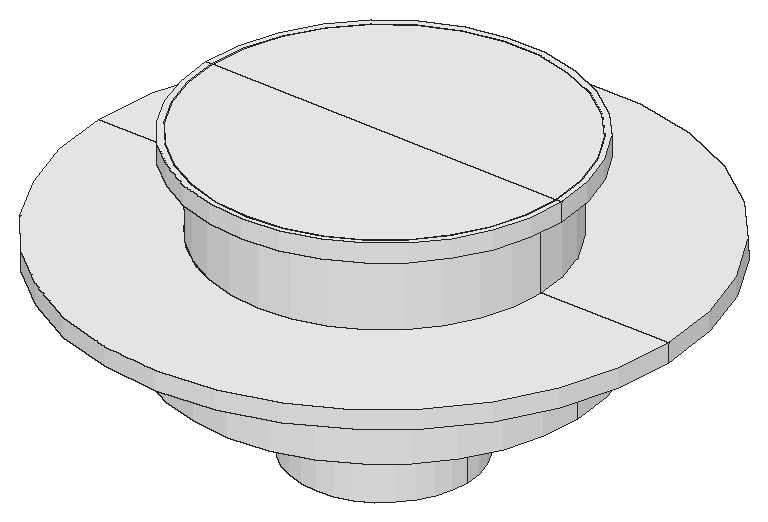
Revit family "Plumbing Fixture-FloorDrain_Mifab_C1000-R", category Plumbing Fixtures, host Face, Revit 2013
Parameters (values of type "2"")
  WFU = 0
  URL = "WWW.MIFAB.COM"
  Top Assembly Height = 1.250"
  Strainer Radius = Stainer Diameter / 2  # 4.000"
  Stainer Diameter = 8.000"
  Pipe Radius = Pipe Diameter / 2  # 1.000"
  Pipe Diameter = 2.000"
  Model = "C1000-R"
  Manufacturer = "MIFAB"
  Floor Drain Material = Paint - Sherwin Williams Paint - #952C2A - Bellwood Red
  Description = "STAINLESS STEEL FLOOR CLEANOUT WITH\r\nHEAVY DUTY ADJUSTABLE COVER AND PLUG"
  Default Elevation = 0.000"
  Body Height = 2.750"
Types (4): name | Pipe Radius | Pipe Diameter
  (no name) | 1.000" | 2.000"
  2" | 1.000" | 2.000"
  3" | 1.500" | 3.000"
  4" | 2.000" | 4.000"
Reference planes (in)
  plane 1 "Center (Front/Back)": y = 0
  plane 2: z = 0
  plane 3 "Center (Left/Right)": x = 0
  plane 4: z = -4
  plane 5: z = -1.25
  plane 6: x = -4
  plane 7: x = 4
  plane 8: x = 1
  plane 9: x = -1
Forms (in)
  Revolve 1, solid, material "Paint - Sherwin Williams Paint - #952C2A - Bellwood Red" <- "Floor Drain Material"
    sketch origin (-0.5, 0, 0) x (1, 0, 0) y (0, 0, 1)
      loop
        line (-1.62, -1.33) -> (-1.7, -1.25) -> (-3.5, -1.25) -> (-3.5, -1.5) -> (-2.23, -1.5) -> (-2.23, -2.65) -> (-2, -2.65) -> (-0.68, -3) -> (-0.68, -4) -> (-0.5, -4) -> (-0.5, -2.86151) -> (-1.82, -2.51151) -> (-1.82, -1.5) -> (-1.7, -1.5) -> (-1.62, -1.42) -> (-1.62, -1.33)
      axis (0.5, -4) -> (0.5, -1.25)
    angle from 0 to 360
  Revolve 2, solid, material "Paint - Sherwin Williams Paint - #952C2A - Bellwood Red" <- "Floor Drain Material"
    sketch origin (0, 0, 0) x (1, 0, 0) y (0, 0, 1)
      loop
        line (-2.20074, -1.82) -> (-2.12074, -1.9) -> (-2.05074, -1.9) -> (-2.05074, -0.16) -> (-2.42, -0.16) -> (-2.42, 0) -> (-2.50074, 0) -> (-2.50074, -0.25) -> (-2.20074, -0.25) -> (-2.20074, -1.82)
      axis (0, 0) -> (0, -1.9)
    angle from 0 to 360
  Revolve 3, solid, material "Paint - Sherwin Williams Paint - #952C2A - Bellwood Red" <- "Floor Drain Material"
    sketch origin (0, 0, 0) x (1, 0, 0) y (0, 0, 1)
      loop
        line (0, 0) -> (-2.42, 0) -> (-2.42, -0.16) -> (0, -0.16) -> (0, 0)
      axis (0, 0) -> (0, -0.16)
    angle from 0 to 360
Lines and regions (in)
  symbolic lines
    curve 1: circle (0, 0, 0) r 4 normal (0, 0, 1)
  symbolic lines, style "PlumbingFixtures"
    curve 2: circle (0, 0, 0) r 1.00382 normal (0, 0, 1)
Dimensions and locks (in)
  locked: Revolve 1 sketch curve to Revolve 1 sketch curve at 0.18
  "Body Height": plane 5 to plane 4
  "Top Assembly Height": host face to plane 5
  equal spacing: plane 6, plane 3 "Center (Left/Right)", plane 7
  "Stainer Diameter": plane 6 to plane 7
  "Pipe Diameter": plane 8 to plane 9
  equal spacing: plane 8, plane 3 "Center (Left/Right)", plane 9
  "Strainer Radius": radius of curve 1
  aligned and locked: plane 2 to host face
  aligned and locked: level to host face
  aligned and locked: plane 1 "Center (Front/Back)" to curve 1
  aligned and locked: plane 3 "Center (Left/Right)" to curve 1
  aligned and locked: Revolve 1 sketch curve to plane 4
  aligned and locked: plane 3 "Center (Left/Right)" to Revolve 1 sketch curve
  aligned and locked: plane 3 "Center (Left/Right)" to Revolve 3 sketch curve
  aligned and locked: Revolve 3 sketch curve to plane 3 "Center (Left/Right)"
  aligned and locked: plane 2 to Revolve 3 sketch curve
  aligned and locked: Revolve 3 sketch curve to Revolve 2
  aligned and locked: plane 5 to Revolve 1 sketch curve
  aligned and locked: plane 7 to Revolve 1
  aligned and locked: plane 6 to Revolve 1 sketch curve
  aligned and locked: Revolve 1 sketch curve to plane 9
Automatic sketch dimensions
  host sketch curve to host sketch curve = 96.000"  (x2)
  level to Revolve 2 sketch curve = 0.000"
  Revolve 2 sketch curve to level = 0.250"
  Revolve 2 sketch curve to plane 5 = 0.650"
  Revolve 2 sketch curve to plane 3 "Center (Left/Right)" = 0.000"
  Revolve 2 sketch curve to Revolve 2 sketch curve = 0.08074"
  Revolve 2 sketch curve to Revolve 2 sketch curve = 0.21926"
  Revolve 2 sketch curve to Revolve 2 sketch curve = 0.080"  (x2)
  Revolve 2 sketch curve to Revolve 2 sketch curve = 0.070"
  Revolve 2 sketch curve to level = 0.160"
  Revolve 2 sketch curve to plane 5 = 0.97439"
  level to Revolve 2 sketch curve = 0.77561"
  plane 5 to Revolve 3 sketch curve = 0.52425"
  level to Revolve 3 sketch curve = 0.10977"
  Revolve 2 sketch curve to plane 6 = 1.49926"
  Revolve 3 sketch curve to plane 6 = 1.580"
  plane 4 to Revolve 1 sketch curve = 1.000"
  Revolve 1 sketch curve to plane 6 = 1.270"
  Revolve 1 sketch curve to Revolve 1 sketch curve = 0.230"
  Revolve 1 sketch curve to Revolve 1 sketch curve = 0.410"
  Revolve 1 sketch curve to Revolve 1 sketch curve = 0.120"  (x2)
  Revolve 1 sketch curve to plane 5 = 0.250"  (x2)
  Revolve 1 sketch curve to plane 5 = 0.170"
  Revolve 1 sketch curve to Revolve 1 sketch curve = 0.080"
  Revolve 1 sketch curve to Revolve 1 sketch curve = 0.13849"  (x2)
  Revolve 1 sketch curve to Revolve 1 sketch curve = 1.150"
  Revolve 1 sketch curve to plane 5 = 0.080"
  Revolve 1 sketch curve to plane 4 = 1.750"
  level to Revolve 1 sketch curve = 5.350"
  curve 1 to curve 2 = 0.000"  (x2)
  plane 1 "Center (Front/Back)" to curve 2 = 0.000"
  curve 2 to plane 3 "Center (Left/Right)" = 0.000"
  radius of curve 2 = 1.00382"
Connectors (in)
  piping at (0, 0, -4), driven by "Pipe Radius"
    settings: on Revolve 1, index 1, connector radius 1", flow factor 0, pipe flow 0 GPM, pressure drop 0.00 psi, fitting loss kfactor 0, connector angle 0.00°, fixture units 0, engagement length 0.000", flow configuration 0, flow direction 0, fitting loss method 0, system type 7, joint type 0, gender type 0, connector reference index -1, connector utility 0, adjustable connector no, is connector primary yes, fitting loss table "", connector description ""
